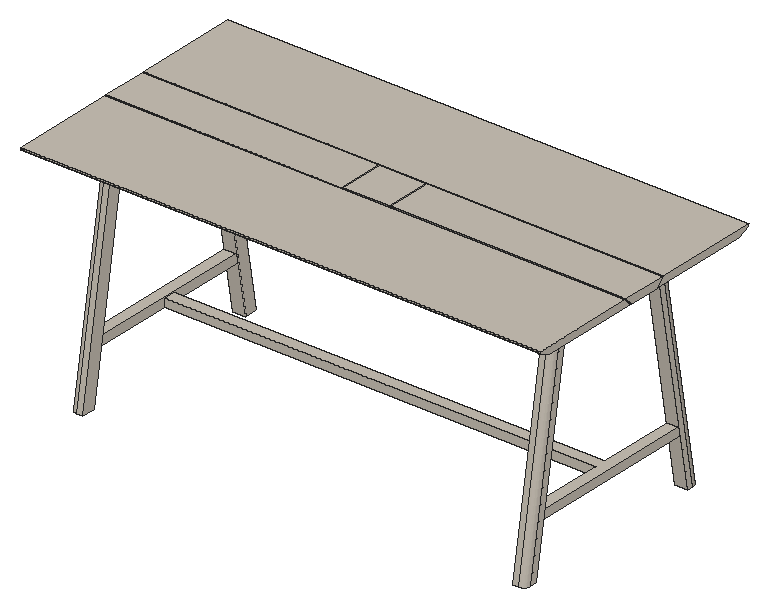
Revit family "Haworth_BuzziPicNic_BarHeight_MeetCollaborativeTable", category Furniture, Revit 2018
Family settings
  OmniClass Number = 23.40.20.00
  OmniClass Title = General Furniture and Specialties
  Work Plane-Based = No
  Always vertical = Yes
  Cut with Voids When Loaded = No
  Shared = No
  Room Calculation Point = No
Parameters (values of type "HCBZ-PNTM-H - 47.24d 94.49w - Wood Top")
  Wood Top = yes
  Wood Finish [instance] = Haworth _ Wood _ Natural Ash BAS-NAT
  Width = 94.48828"
  Warranty = "http://www.haworth.com/resources/product-info/warranties"
  URL - Product = "https://www.haworth.com/products/tables/collaborative/buzzipicnic"
  URL = "http://www.haworth.com/our-brands/haworth-collection"
  Top Finish [instance] = Haworth _ Laminate _ Truffle Grey BHL-1600
  Standard Widths = "62.99, 70.87, 78.74, 86.61, 94.49 in"  # constant formula
  Standard Depths = "31.5, 35.43, 39.37, 47.24 in"  # constant formula
  Small = not(or(or(Medium, Large, Extra Large)))  # no
  Revision = "1"  # constant formula
  Size = "Verify Final Dim. w/ Haworth"  # constant formula
  Model = "HCBZ-PNTM-H"  # constant formula
  Min. Width = 62.98828"  # constant formula
  Min. Depth = 31.5"  # constant formula
  Medium = no
  Max. Width = 94.48828"  # constant formula
  Max. Depth = 47.23828"  # constant formula
  Manufacturer = "Haworth"  # constant formula
  Large = no
  Laminate Top = not(Wood Top)  # no
  Keynote = ""
  Glide Finish = Haworth _ Polymer _ Black
  Extra Large = yes
  Description = "Haworth BuzziPicNic - Bar Height Meet Collaborative Tables - Wood Top"
  Depth = if(Small, 31.5", if(Medium, 35.42969", if(Large, 39.37109", 47.23828")))  # 47.23828"
  Custom Size = not(and(or(Depth = 31.5", Depth = 35.42969", Depth = 39.37109", Depth = 47.23828"), or(Width = 62.98828", Width = 70.87109", Width = 78.73828", Width = 86.60938", Width = 94.48828")))  # no
  Base Finish = Haworth _ Wood _ Natural Ash BAS-NAT
  Author = "Haworth (Abd Rahman)"  # constant formula
  Assembly Code = "E2020200"
  Actual Width = if(Width > Max. Width, Max. Width, if(Width < Min. Width, Min. Width, Width))  # 94.48828"
  Actual Height = 42.51953"  # constant formula
  Actual Depth = if(Depth > Max. Depth, Max. Depth, if(Depth < Min. Depth, Min. Depth, Depth))  # 47.23828"
Types (9): name | Wood Top | Small | Medium | Large | Laminate Top | Extra Large | Description | Depth | Actual Depth
  (no name) | yes | no | no | no | no | yes | "Haworth BuzziPicNic - Bar Height Meet Collaborative Tables - Wood Top" | 47.23828" | 47.23828"
  HCBZ-PNTM-H - 35.43d 94.49w - Wood Top | yes | no | yes | no | no | no | "Haworth BuzziPicNic - Bar Height Meet Collaborative Tables - Wood Top" | 35.42969" | 35.42969"
  HCBZ-PNTM-H - 31.5d 94.49w - Wood Top | yes | yes | no | no | no | no | "Haworth BuzziPicNic - Bar Height Meet Collaborative Tables - Wood Top" | 31.5" | 31.5"
  HCBZ-PNTM-H - 47.24d 94.49w - Wood Top | yes | no | no | no | no | yes | "Haworth BuzziPicNic - Bar Height Meet Collaborative Tables - Wood Top" | 47.23828" | 47.23828"
  HCBZ-PNTM-H - 31.5d 94.49w - Laminate Top | no | yes | no | no | yes | no | "Haworth BuzziPicNic - Bar Height Meet Collaborative Tables - Laminate Top" | 31.5" | 31.5"
  HCBZ-PNTM-H - 35.43d 94.49w - Laminate Top | no | no | yes | no | yes | no | "Haworth BuzziPicNic - Bar Height Meet Collaborative Tables - Laminate Top" | 35.42969" | 35.42969"
  HCBZ-PNTM-H - 47.24d 94.49w - Laminate Top | no | no | no | no | yes | yes | "Haworth BuzziPicNic - Bar Height Meet Collaborative Tables - Laminate Top" | 47.23828" | 47.23828"
  HCBZ-PNTM-H - 39.37d 94.49w - Laminate Top | no | no | no | yes | yes | no | "Haworth BuzziPicNic - Bar Height Meet Collaborative Tables - Laminate Top" | 39.37109" | 39.37109"
  HCBZ-PNTM-H - 39.37d 94.49w - Wood Top | yes | no | no | yes | no | no | "Haworth BuzziPicNic - Bar Height Meet Collaborative Tables - Wood Top" | 39.37109" | 39.37109"
Reference planes (in)
  plane 1 "Center Front/Back": y = 0
  plane 2: z = 0
  plane 3 "Center Left/Right": x = 20.90998
  plane 4 "Back": y = 23.61914
  plane 5 "Front": y = -23.61914
  plane 6: x = 68.15412
  plane 7: x = -26.33416
  plane 8: z = 42.51953
  plane 9: z = 0.11905
  plane 10: z = 41.29599
  plane 11: z = 38.9726
  plane 12: x = 62.24967
  plane 13: x = -20.4297
  plane 14: x = -18.14632
  plane 15: x = 59.96628
  plane 16: y = -19.61914
  plane 17: y = 19.61914
  plane 18: z = 11.1423
  plane 19: z = 9.56755
Forms (in)
  Blend 1, solid, material "Haworth _ Wood _ Natural Ash BAS-NAT" <- "Base Finish"
    base sketch origin (0, 0, 0) x (1, 0, 0) y (0, 1, 0)
      loop
        line (59.96628, -17.2552) -> (59.96628, -19.61914) -> (61.06502, -19.61914)
        arc (61.06502, -19.61914) -> (61.90269, -19.27217) -> (62.24967, -18.43449) r 1.18465
        line (62.24967, -18.43449) -> (62.24967, -17.2552) -> (59.96628, -17.2552)
    top sketch origin (0, 0, 0) x (1, 0, 0) y (0, 1, 0)
      loop
        line (59.96628, -12.34112) -> (61.06607, -12.34112)
        arc (61.06607, -12.34112) -> (61.903, -11.99445) -> (62.24967, -11.15752) r 1.18359
        line (62.24967, -11.15752) -> (62.24967, -10.02159) -> (59.96628, -10.02159) -> (59.96628, -12.34112)
    from 0.11905 to 41.29599
  Blend 2, solid, material "Haworth _ Wood _ Natural Ash BAS-NAT" <- "Base Finish"
    base sketch origin (41.81996, 0, 0) x (-1, 0, 0) y (0, -1, 0)
      loop
        line (59.96628, 17.2552) -> (62.24967, 17.2552) -> (62.24967, 18.43449)
        arc (62.24967, 18.43449) -> (61.90269, 19.27217) -> (61.06502, 19.61914) r 1.18465
        line (61.06502, 19.61914) -> (59.96628, 19.61914) -> (59.96628, 17.2552)
    top sketch origin (41.81996, 0, 0) x (-1, 0, 0) y (0, -1, 0)
      loop
        line (59.96628, 12.34112) -> (59.96628, 10.02159) -> (62.24967, 10.02159) -> (62.24967, 11.15752)
        arc (62.24967, 11.15752) -> (61.903, 11.99445) -> (61.06607, 12.34112) r 1.18359
        line (61.06607, 12.34112) -> (59.96628, 12.34112)
    from 0.11905 to 41.29599
  Blend 3, solid, material "Haworth _ Wood _ Natural Ash BAS-NAT" <- "Base Finish"
    base sketch origin (0.125, -0.0625, 0) x (1, 0, 0) y (0, 1, 0)
      loop
        line (59.84128, 17.3177) -> (62.12467, 17.3177) -> (62.12467, 18.49699)
        arc (62.12467, 18.49699) -> (61.77769, 19.33467) -> (60.94002, 19.68164) r 1.18465
        line (60.94002, 19.68164) -> (59.84128, 19.68164) -> (59.84128, 17.3177)
    top sketch origin (0.125, -0.0625, 0) x (1, 0, 0) y (0, 1, 0)
      loop
        line (59.84128, 12.40362) -> (59.84128, 10.08501) -> (62.12467, 10.08501) -> (62.12467, 11.22002)
        arc (62.12467, 11.22002) -> (61.778, 12.05695) -> (60.94107, 12.40362) r 1.18359
        line (60.94107, 12.40362) -> (59.84128, 12.40362)
    from 0.11905 to 41.29599
  Blend 4, solid, material "Haworth _ Wood _ Natural Ash BAS-NAT" <- "Base Finish"
    base sketch origin (41.81996, -0.0625, 0) x (-1, 0, 0) y (0, -1, 0)
      loop
        line (59.96628, -17.3177) -> (59.96628, -19.68164) -> (61.06502, -19.68164)
        arc (61.06502, -19.68164) -> (61.90269, -19.33467) -> (62.24967, -18.49699) r 1.18465
        line (62.24967, -18.49699) -> (62.24967, -17.3177) -> (59.96628, -17.3177)
    top sketch origin (41.81996, -0.0625, 0) x (-1, 0, 0) y (0, -1, 0)
      loop
        line (59.96628, -12.40362) -> (61.06607, -12.40362)
        arc (61.06607, -12.40362) -> (61.903, -12.05695) -> (62.24967, -11.22002) r 1.18359
        line (62.24967, -11.22002) -> (62.24967, -10.08409) -> (59.96628, -10.08409) -> (59.96628, -12.40362)
    from 0.11905 to 41.29599
  Blend 5, solid, material "Haworth _ Wood _ Natural Ash BAS-NAT" <- "Base Finish"
    base sketch origin (0, 0, 0) x (1, 0, 0) y (0, 1, 0)
      loop
        line (62.12467, 15.59675) -> (60.09128, 15.59675) -> (60.09128, -15.59675) -> (62.12467, -15.59675) -> (62.12467, 15.59675)
    top sketch origin (0, 0, 0) x (1, 0, 0) y (0, 1, 0)
      loop
        line (62.12467, -15.31908) -> (62.12467, 15.31908) -> (60.09128, 15.31908) -> (60.09128, -15.31908) -> (62.12467, -15.31908)
    from 9.56755 to 11.1423
  Blend 6, solid, material "Haworth _ Wood _ Natural Ash BAS-NAT" <- "Base Finish"
    base sketch origin (0, 0, 0) x (1, 0, 0) y (0, 1, 0)
      loop
        line (-18.14632, -12.60486) -> (59.96628, -12.60486) -> (59.96628, -10.44647) -> (-18.14632, -10.44647) -> (-18.14632, -12.60486)
    top sketch origin (0, 0, 0) x (1, 0, 0) y (0, 1, 0)
      loop
        line (59.96628, -12.21612) -> (59.96628, -10.44647) -> (-18.14632, -10.44647) -> (-18.14632, -12.21612) -> (59.96628, -12.21612)
    from 38.9726 to 41.29599
  Blend 7, solid, material "Haworth _ Wood _ Natural Ash BAS-NAT" <- "Base Finish"
    base sketch origin (0, 0, 0) x (1, 0, 0) y (0, 1, 0)
      loop
        line (-18.14632, 12.60486) -> (-18.14632, 10.44647) -> (59.96628, 10.44647) -> (59.96628, 12.60486) -> (-18.14632, 12.60486)
    top sketch origin (0, 0, 0) x (1, 0, 0) y (0, 1, 0)
      loop
        line (59.96628, 12.21612) -> (-18.14632, 12.21612) -> (-18.14632, 10.44647) -> (59.96628, 10.44647) -> (59.96628, 12.21612)
    from 38.9726 to 41.29599
  Blend 8, solid, material "Haworth _ Wood _ Natural Ash BAS-NAT" <- "Base Finish"
    base sketch origin (0, 0, 0) x (1, 0, 0) y (0, 1, 0)
      loop
        line (60.09128, 10.41124) -> (60.09128, -10.41124) -> (62.12467, -10.41124) -> (62.12467, 10.41124) -> (60.09128, 10.41124)
    top sketch origin (0, 0, 0) x (1, 0, 0) y (0, 1, 0)
      loop
        line (62.12467, -10.02159) -> (62.12467, 10.02251) -> (60.09128, 10.02251) -> (60.09128, -10.02159) -> (62.12467, -10.02159)
    from 38.9726 to 41.29599
  Blend 9, solid, material "Haworth _ Wood _ Natural Ash BAS-NAT" <- "Base Finish"
    base sketch origin (41.81996, 0, 0) x (-1, 0, 0) y (0, -1, 0)
      loop
        line (60.09128, -10.41124) -> (62.12467, -10.41124) -> (62.12467, 10.41124) -> (60.09128, 10.41124) -> (60.09128, -10.41124)
    top sketch origin (41.81996, 0, 0) x (-1, 0, 0) y (0, -1, 0)
      loop
        line (62.12467, 10.02159) -> (60.09128, 10.02159) -> (60.09128, -10.02159) -> (62.12467, -10.02159) -> (62.12467, 10.02159)
    from 38.9726 to 41.29599
  Extrusion 10, solid, material "Haworth _ Polymer _ Black" <- "Glide Finish"
    sketch origin (0, 0, 0) x (1, 0, 0) y (0, 1, 0)
      loop
        circle (-19.32197, 18.42664) r 0.93529
      loop
        circle (-19.29072, -18.39539) r 0.93529
      loop
        circle (61.11068, 18.45789) r 0.93529
      loop
        circle (61.07943, -18.36414) r 0.93529
    from 0 to 0.11905
  Extrusion 11, solid, material "Haworth _ Wood _ Natural Ash BAS-NAT" <- "Base Finish"
    sketch origin (-14.04198, -10.77167, 0) x (1, 0, 0) y (0, 1, 0)
      loop
        line (-4.22934, 11.78836) -> (-4.22934, 9.75498) -> (74.13326, 9.75498) -> (74.13326, 11.78836) -> (-4.22934, 11.78836)
    from 9.56755 to 11.1423
  Blend 12, solid, material "Haworth _ Wood _ Natural Ash BAS-NAT" <- "Base Finish"
    base sketch origin (41.81996, 0, 0) x (-1, 0, 0) y (0, -1, 0)
      loop
        line (62.12467, -15.59675) -> (62.12467, 15.59675) -> (60.09128, 15.59675) -> (60.09128, -15.59675) -> (62.12467, -15.59675)
    top sketch origin (41.81996, 0, 0) x (-1, 0, 0) y (0, -1, 0)
      loop
        line (62.12467, 15.31908) -> (60.09128, 15.31908) -> (60.09128, -15.31908) -> (62.12467, -15.31908) -> (62.12467, 15.31908)
    from 9.56755 to 11.1423
Cuts and joins
  joined: Blend 1, Blend 2, Blend 3, Blend 4, Blend 5, Blend 6, Blend 7, Blend 8, Blend 9, Extrusion 11
Dimensions and locks (in)
  equal spacing: plane 4 "Back", plane 1 "Center Front/Back", plane 5 "Front"
  "Actual Depth": plane 4 "Back" to plane 5 "Front"
  equal spacing: plane 7, plane 3 "Center Left/Right", plane 6
  "Actual Width": plane 7 to plane 6
  "Actual Height": plane 8 to plane 2
  plane 7 to plane 13 to plane 14 = 5.90445" locked, 2.28339" locked
  plane 15 to plane 12 to plane 6 = 2.28339" locked, 5.90445" locked
  plane 16 to Blend 5 = 4.02239"
  Blend 5 to plane 17 = 4.02239"
  plane 8 to plane 10 to plane 11 = 1.22355" locked, 2.32339" locked
  plane 2 to plane 19 to plane 18 = 9.56755" locked, 1.57475" locked
  locked: plane 15 to Extrusion 11 sketch curve at 0.125
  locked: Extrusion 11 sketch curve to plane 14 at 0.125
  cut or joined group of Blend 1, Blend 2, Blend 3, Blend 4, Blend 5, Blend 6, Blend 7, Blend 8, Blend 9, Extrusion 11 to plane 1 "Center Front/Back" to cut or joined group of Blend 1, Blend 2, Blend 3, Blend 4, Blend 5, Blend 6, Blend 7, Blend 8, Blend 9, Extrusion 11 = 1.01669" locked, 1.01669" locked
  Blend 4 sketch curve to Blend 4 sketch curve to plane 17 = 2.31953" locked, 7.27802" locked
  Blend 2 sketch curve to Blend 2 sketch curve to plane 1 "Center Front/Back" = 2.31953" locked, 10.02159" locked
  plane 1 "Center Front/Back" to Blend 3 sketch curve to Blend 3 sketch curve = 17.2552" locked, 2.36394" locked
  Blend 3 sketch curve to Blend 3 sketch curve to plane 1 "Center Front/Back" = 2.31861" locked, 10.02251" locked
  plane 1 "Center Front/Back" to Blend 1 sketch curve to Blend 1 sketch curve = 10.02159" locked, 2.31953" locked
  locked: Blend 1 sketch curve to Blend 1 sketch curve at 2.36394
  locked: Blend 4 sketch curve to Blend 4 sketch curve at 2.36394
  locked: Blend 2 sketch curve to Blend 2 sketch curve at 2.36394
  Blend 12 sketch curve to plane 1 "Center Front/Back" to Blend 12 sketch curve = 15.59675" locked, 15.59675" locked
  Blend 12 sketch curve to plane 1 "Center Front/Back" to Blend 12 sketch curve = 15.31908" locked, 15.31908" locked
  locked: Extrusion 10 sketch curve to plane 17 at 1.1925
  locked: plane 13 to Extrusion 10 sketch curve at 1.10774
  locked: plane 13 to Extrusion 10 sketch curve at 1.13899
  locked: plane 16 to Extrusion 10 sketch curve at 1.22375
  locked: Extrusion 10 sketch curve to plane 12 at 1.17024
  locked: plane 16 to Extrusion 10 sketch curve at 1.255
  locked: Extrusion 10 sketch curve to plane 17 at 1.16125
  locked: Extrusion 10 sketch curve to plane 12 at 1.13899
  aligned and locked: level to plane 2
  aligned and locked: Blend 1 to plane 10
  aligned and locked: plane 9 to Blend 1
  aligned and locked: Blend 6 to plane 10
  aligned and locked: plane 11 to Blend 6
  aligned and locked: Blend 4 to plane 13
  aligned and locked: Blend 2 to plane 13
  aligned and locked: Blend 2 to plane 14
  aligned and locked: Blend 4 to plane 14
  aligned and locked: Blend 1 to plane 12
  aligned and locked: Blend 3 to plane 12
  aligned and locked: plane 15 to Blend 3
  aligned and locked: plane 15 to Blend 1
  aligned and locked: plane 17 to Blend 4
  aligned and locked: plane 17 to Blend 3
  aligned and locked: Blend 1 to plane 16
  aligned and locked: Blend 2 to plane 16
  aligned and locked: plane 7 to nested 1
  aligned and locked: plane 4 "Back" to nested 1
  aligned and locked: Extrusion 10 to plane 9
  aligned and locked: plane 11 to cut or joined group of Blend 1, Blend 2, Blend 3, Blend 4, Blend 5, Blend 6, Blend 7, Blend 8, Blend 9, Extrusion 11  (x4)
  aligned and locked: cut or joined group of Blend 1, Blend 2, Blend 3, Blend 4, Blend 5, Blend 6, Blend 7, Blend 8, Blend 9, Extrusion 11 to plane 10  (x7)
  aligned and locked: cut or joined group of Blend 1, Blend 2, Blend 3, Blend 4, Blend 5, Blend 6, Blend 7, Blend 8, Blend 9, Extrusion 11 to plane 11  (x3)
  aligned and locked: plane 10 to nested 1
  aligned and locked: plane 10 to cut or joined group of Blend 1, Blend 2, Blend 3, Blend 4, Blend 5, Blend 6, Blend 7, Blend 8, Blend 9, Extrusion 11  (x2)
  aligned and locked: plane 14 to cut or joined group of Blend 1, Blend 2, Blend 3, Blend 4, Blend 5, Blend 6, Blend 7, Blend 8, Blend 9, Extrusion 11
  aligned and locked: cut or joined group of Blend 1, Blend 2, Blend 3, Blend 4, Blend 5, Blend 6, Blend 7, Blend 8, Blend 9, Extrusion 11 to plane 15
  aligned and locked: Blend 6 sketch curve to plane 14  (x2)
  aligned and locked: plane 15 to Blend 6 sketch curve  (x2)
  aligned and locked: plane 14 to Blend 7 sketch curve  (x2)
  aligned and locked: Blend 7 sketch curve to plane 15  (x2)
  aligned and locked: Blend 7 sketch curve to var sketch
  aligned and locked: Blend 6 sketch curve to var sketch
  aligned and locked: cut or joined group of Blend 1, Blend 2, Blend 3, Blend 4, Blend 5, Blend 6, Blend 7, Blend 8, Blend 9, Extrusion 11 to Blend 8 sketch curve  (x2)
  aligned and locked: cut or joined group of Blend 1, Blend 2, Blend 3, Blend 4, Blend 5, Blend 6, Blend 7, Blend 8, Blend 9, Extrusion 11 to plane 18  (x2)
  aligned and locked: plane 18 to cut or joined group of Blend 1, Blend 2, Blend 3, Blend 4, Blend 5, Blend 6, Blend 7, Blend 8, Blend 9, Extrusion 11
  aligned and locked: plane 19 to cut or joined group of Blend 1, Blend 2, Blend 3, Blend 4, Blend 5, Blend 6, Blend 7, Blend 8, Blend 9, Extrusion 11  (x2)
  aligned and locked: cut or joined group of Blend 1, Blend 2, Blend 3, Blend 4, Blend 5, Blend 6, Blend 7, Blend 8, Blend 9, Extrusion 11 to plane 19
  aligned and locked: plane 13 to Blend 4 sketch curve  (x2)
  aligned and locked: Blend 4 sketch curve to plane 14
  aligned and locked: Blend 4 sketch curve to plane 17
  aligned and locked: plane 14 to Blend 4 sketch curve
  aligned and locked: plane 14 to Blend 2 sketch curve
  aligned and locked: Blend 2 sketch curve to plane 13  (x2)
  aligned and locked: Blend 2 sketch curve to plane 16
  aligned and locked: Blend 2 sketch curve to plane 14
  aligned and locked: Blend 3 sketch curve to plane 15
  aligned and locked: Blend 3 sketch curve to plane 12  (x2)
  aligned and locked: plane 15 to Blend 3 sketch curve
  aligned and locked: plane 15 to Blend 1 sketch curve
  aligned and locked: plane 12 to Blend 1 sketch curve  (x2)
  aligned and locked: Blend 1 sketch curve to plane 15
  aligned and locked: plane 9 to cut or joined group of Blend 1, Blend 2, Blend 3, Blend 4, Blend 5, Blend 6, Blend 7, Blend 8, Blend 9, Extrusion 11  (x3)
  aligned and locked: Blend 12 to plane 18
  aligned and locked: plane 19 to Blend 12
Automatic sketch dimensions
  plane 16 to Blend 1 sketch curve = 0"
  Blend 1 sketch curve to Blend 1 sketch curve = 1.09874"
  Blend 1 sketch curve to Blend 1 sketch curve = 1.09979"
  Blend 2 sketch curve to Blend 2 sketch curve = 1.09874"
  Blend 2 sketch curve to Blend 2 sketch curve = 1.09979"
  Blend 3 sketch curve to Blend 3 sketch curve = 1.09874"
  Blend 3 sketch curve to Blend 3 sketch curve = 1.09979"
  Blend 4 sketch curve to Blend 4 sketch curve = 1.09874"
  Blend 4 sketch curve to Blend 4 sketch curve = 1.09979"
  Blend 5 sketch curve to plane 15 = 0.125"  (x2)
  plane 12 to Blend 5 sketch curve = 0.125"  (x2)
  Blend 5 sketch curve to plane 16 = 4.02239"
  plane 17 to Blend 5 sketch curve = 4.02239"
  Blend 5 sketch curve to plane 16 = 4.30006"
  plane 17 to Blend 5 sketch curve = 4.30006"
  Blend 6 sketch curve to plane 16 = 7.01428"
  Blend 6 sketch curve to Blend 6 sketch curve = 2.15839"
  Blend 6 sketch curve to Blend 6 sketch curve = 1.76965"
  Blend 7 sketch curve to plane 17 = 7.01428"
  Blend 7 sketch curve to Blend 7 sketch curve = 2.15839"
  Blend 7 sketch curve to Blend 7 sketch curve = 1.76965"
  Blend 8 sketch curve to plane 15 = 0.125"  (x2)
  plane 12 to Blend 8 sketch curve = 0.125"  (x2)
  Blend 8 sketch curve to plane 16 = 9.2079"
  plane 17 to Blend 8 sketch curve = 9.2079"
  Blend 9 sketch curve to plane 14 = 0.125"  (x2)
  Blend 9 sketch curve to plane 13 = 0.125"  (x2)
  plane 16 to Blend 9 sketch curve = 9.2079"
  Blend 9 sketch curve to plane 17 = 9.2079"
  plane 16 to Blend 9 sketch curve = 9.59755"
  Blend 9 sketch curve to plane 17 = 9.59755"
  plane 1 "Center Front/Back" to Extrusion 11 sketch curve = 1.01669"
  Extrusion 11 sketch curve to plane 1 "Center Front/Back" = 1.01669"
  Blend 12 sketch curve to plane 14 = 0.125"  (x2)
  Blend 12 sketch curve to plane 13 = 0.125"  (x2)
  radius of Extrusion 10 sketch curve = 0.93529"  (x4)
Nested families (in)
  nested 1: "Haworth_BuzziPicNic_MeetCollaborativeTable_TOP" at (0, 0, 13.14453), type "TOP - PART"
    with Laminate Top no, Actual Depth 47.23828"
Definition of nested family "Haworth_BuzziPicNic_MeetCollaborativeTable_TOP"
  Parameters (values of type "TOP - PART")
    Wood Top = yes
    Wood Finish = none
    Warranty = "http://www.haworth.com/resources/product-info/warranties"
    URL - Product = "https://www.haworth.com/products/tables/collaborative/buzzipicnic"
    URL = "http://www.haworth.com/our-brands/haworth-collection"
    Top Finish = none
    Revision = "1"  # constant formula
    Size = "Verify Final Dim. w/ Haworth"  # constant formula
    Model = "BuzziPicNic Table"
    Manufacturer = "Haworth"  # constant formula
    Laminate Top = yes
    Keynote = ""
    Glide Finish = none
    Description = "Haworth BuzziPicNic - Standard Height Meet Collaborative Tables - Top"
    Author = "Haworth (Abd Rahman)"  # constant formula
    Assembly Code = "E2020200"
    Actual Width = 94.48828"
    Actual Height = 29.53125"  # constant formula
    Actual Depth = 35.42969"
  Reference planes (in)
    plane 1 "Center Front/Back": y = 0
    plane 2: z = 0
    plane 3 "Center Left/Right": x = 20.90998
    plane 4 "Back": y = 17.71484
    plane 5 "Front": y = -17.71484
    plane 6: x = 68.15412
    plane 7: x = -26.33416
    plane 8: z = 29.53125
    plane 9: z = 27.90039
    plane 10: z = 28.15145
    plane 11: z = 28.02445
    plane 12: z = 29.12664
  Forms (in)
    Blend 1, solid, material <- "Wood Finish", visible <- "Wood Top"
      base sketch origin (0, 0, 0) x (1, 0, 0) y (0, 1, 0)
        loop
          line (-26.33416, -17.71484) -> (68.15412, -17.71484) -> (68.15412, -3.34686) -> (-26.33416, -3.34686) -> (-26.33416, -17.71484)
      top sketch origin (0, 0, 0) x (1, 0, 0) y (0, 1, 0)
        loop
          line (68.15412, -17.71484) -> (68.15412, -4.52792) -> (-26.33416, -4.52792) -> (-26.33416, -17.71484) -> (68.15412, -17.71484)
      from 28.15145 to 29.53125
    Blend 2, solid, material <- "Wood Finish", visible <- "Wood Top"
      base sketch origin (0, 0, 0) x (1, 0, 0) y (0, 1, 0)
        loop
          line (68.15412, -2.75633) -> (68.15412, 2.75529) -> (-26.33416, 2.75529) -> (-26.33416, -2.75633) -> (68.15412, -2.75633)
      top sketch origin (0, 0, 0) x (1, 0, 0) y (0, 1, 0)
        loop
          line (68.15412, -4.13424) -> (68.15412, 4.1332) -> (-26.33416, 4.1332) -> (-26.33416, -4.13424) -> (68.15412, -4.13424)
      from 28.15145 to 29.53125
    Blend 3, solid, material <- "Wood Finish", visible <- "Wood Top"
      base sketch origin (0, 0, 0) x (1, 0, 0) y (0, 1, 0)
        loop
          line (-26.33416, 17.71484) -> (-26.33416, 3.34686) -> (68.15412, 3.34686) -> (68.15412, 17.71484) -> (-26.33416, 17.71484)
      top sketch origin (0, 0, 0) x (1, 0, 0) y (0, 1, 0)
        loop
          line (68.15412, 17.71484) -> (-26.33416, 17.71484) -> (-26.33416, 4.52792) -> (68.15412, 4.52792) -> (68.15412, 17.71484)
      from 28.15145 to 29.53125
    Extrusion 4, void
      sketch origin (20.90998, 0, 0) x (0, 1, 0) y (0, 0, 1)
        loop
          line (17.69103, 29.12408) -> (15.5492, 28.15052) -> (15.5492, 28.02445) -> (17.78197, 28.02445) -> (17.78197, 29.16049) -> (17.71484, 29.16049)
          arc (17.71484, 29.16049) -> (17.70822, 29.13883) -> (17.69103, 29.12408) r 0.04062
      from -48.9371 to 49.48258
    Extrusion 5, void
      sketch origin (20.90998, 0, 0) x (0, -1, 0) y (0, 0, -1)
        loop
          arc (17.69103, -29.12408) -> (17.70822, -29.13883) -> (17.71484, -29.16049) r 0.04062
          line (17.71484, -29.16049) -> (17.78197, -29.16049) -> (17.78197, -28.02445) -> (15.5492, -28.02445) -> (15.5492, -28.15052) -> (17.69103, -29.12408)
      from -48.9371 to 49.48258
    Extrusion 6, solid, material <- "Glide Finish", visible <- "Wood Top"
      sketch origin (0, 0, 0) x (1, 0, 0) y (0, 1, 0)
        loop
          line (-17.88128, 14.5492) -> (-17.88128, -14.55024) -> (-15.88128, -14.55024) -> (-15.88128, 14.5492) -> (-17.88128, 14.5492)
        loop
          line (7.31243, 14.5492) -> (7.31243, -14.55024) -> (9.31243, -14.55024) -> (9.31243, 14.5492) -> (7.31243, 14.5492)
        loop
          line (59.70124, 14.5492) -> (57.70124, 14.5492) -> (57.70124, -14.55024) -> (59.70124, -14.55024) -> (59.70124, 14.5492)
        loop
          line (34.50753, 14.5492) -> (32.50753, 14.5492) -> (32.50753, -14.55024) -> (34.50753, -14.55024) -> (34.50753, 14.5492)
      from 28.02445 to 28.15145
    Extrusion 7, solid, material <- "Glide Finish", visible <- "Wood Top"
      sketch origin (0, 0, 0) x (1, 0, 0) y (0, 1, 0)
        loop
          circle (-16.88175, 13.55098) r 0.1827
        loop
          circle (-16.88175, -13.55098) r 0.1827
        loop
          circle (8.31243, 13.55098) r 0.1827
        loop
          circle (8.31243, -13.55098) r 0.1827
        loop
          circle (58.70172, 13.55098) r 0.1827
        loop
          circle (58.70172, -13.55098) r 0.1827
        loop
          circle (33.50753, 13.55098) r 0.1827
        loop
          circle (33.50753, -13.55098) r 0.1827
      from 27.90039 to 28.02445
    Extrusion 8, void
      sketch origin (0, 0, 0) x (1, 0, 0) y (0, 1, 0)
        loop
          line (16.61872, -4.13424) -> (16.61872, 4.1332) -> (16.57872, 4.1332) -> (16.57872, -4.13424) -> (16.61872, -4.13424)
        loop
          line (25.20124, -4.13424) -> (25.24124, -4.13424) -> (25.24124, 4.1332) -> (25.20124, 4.1332) -> (25.20124, -4.13424)
      from 26.81133 to 33.44845
    Extrusion 9, solid, material <- "Top Finish", visible <- "Laminate Top"
      sketch origin (0, 0, 0) x (1, 0, 0) y (0, 1, 0)
        loop
          line (-26.33416, 17.71484) -> (-26.33416, -17.71484) -> (68.15412, -17.71484) -> (68.15412, 17.71484) -> (-26.33416, 17.71484)
      from 28.15145 to 29.12664
    Extrusion 10, void
      sketch origin (0, 0, 0) x (1, 0, 0) y (0, 1, 0)
        loop
          line (26.81529, 2.36212) -> (15.00467, 2.36212) -> (15.00467, -2.36212) -> (26.81529, -2.36212) -> (26.81529, 2.36212)
      from 23.92626 to 32.63711
  Cuts and joins
    Extrusion 4, Extrusion 5 cuts Blend 3
    Extrusion 5 cuts Blend 1
    Extrusion 8 cuts Blend 2
    Extrusion 10 cuts Extrusion 9
  Lines and regions (in)
    Masking region 1, visible <- "Laminate Top"
      outline origin (0, 0, 0) x (1, 0, 0) y (0, 1, 0)
        loop
          line (-26.33416, 17.71484) -> (-26.33416, -17.71484) -> (68.15412, -17.71484) -> (68.15412, 17.71484) -> (-26.33416, 17.71484)
        loop
          line (26.81529, 2.36212) -> (15.00467, 2.36212) -> (15.00467, -2.36212) -> (26.81529, -2.36212) -> (26.81529, 2.36212)
    Masking region 2, visible <- "Wood Top"
      outline origin (0, 0, 0) x (1, 0, 0) y (0, 1, 0)
        loop
          line (68.15412, -17.71484) -> (68.15412, -11.67521) -> (-26.33416, -11.67521) -> (-26.33416, -17.71484) -> (68.15412, -17.71484)
        loop
          line (-26.33416, 17.71484) -> (-26.33416, 11.67521) -> (68.15412, 11.67521) -> (68.15412, 17.71484) -> (-26.33416, 17.71484)
        loop
          line (-26.33416, -11.51788) -> (68.15412, -11.51788) -> (68.15412, -4.57092) -> (-26.33416, -4.57092) -> (-26.33416, -11.51788)
        loop
          line (-26.33416, 4.52792) -> (-26.33416, -4.52792) -> (68.15412, -4.52792) -> (68.15412, 4.52792) -> (-26.33416, 4.52792)
        loop
          line (-26.33416, 4.57092) -> (68.15412, 4.57092) -> (68.15412, 11.51788) -> (-26.33416, 11.51788) -> (-26.33416, 4.57092)
        loop
          line (25.20124, 4.1332) -> (16.61872, 4.1332) -> (16.61872, -4.13424) -> (25.20124, -4.13424) -> (25.20124, 4.1332)
  Dimensions and locks (in)
    equal spacing: plane 4 "Back", plane 1 "Center Front/Back", plane 5 "Front"
    "Actual Depth": plane 4 "Back" to plane 5 "Front"
    equal spacing: plane 7, plane 3 "Center Left/Right", plane 6
    "Actual Width": plane 7 to plane 6
    "Actual Height": plane 8 to plane 2
    aligned and locked: level to plane 2
    aligned and locked: plane 8 to Blend 1
    aligned and locked: plane 10 to Blend 1
    aligned and locked: plane 8 to Blend 2
    aligned and locked: plane 10 to Blend 2
    aligned and locked: Extrusion 6 to plane 10
    aligned and locked: plane 11 to Extrusion 6
    aligned and locked: Extrusion 7 to plane 11
    aligned and locked: plane 9 to Extrusion 7
    aligned and locked: plane 7 to cut or joined group of Blend 3, Extrusion 4, Extrusion 5
    aligned and locked: plane 7 to cut or joined group of Blend 2, Extrusion 8
    aligned and locked: plane 7 to cut or joined group of Blend 1, Extrusion 5
    aligned and locked: plane 5 "Front" to cut or joined group of Blend 1, Extrusion 5
    aligned and locked: plane 4 "Back" to cut or joined group of Blend 3, Extrusion 4, Extrusion 5
    aligned and locked: cut or joined group of Blend 3, Extrusion 4, Extrusion 5 to plane 6
    aligned and locked: cut or joined group of Blend 2, Extrusion 8 to plane 6
    aligned and locked: cut or joined group of Blend 1, Extrusion 5 to plane 6
    aligned and locked: plane 6 to Extrusion 9 sketch curve
    aligned and locked: Extrusion 9 sketch curve to plane 4 "Back"
    aligned and locked: Extrusion 9 sketch curve to plane 7
    aligned and locked: Extrusion 9 sketch curve to plane 5 "Front"
    aligned and locked: cut or joined group of Extrusion 9, Extrusion 10 to plane 12
    aligned and locked: plane 10 to cut or joined group of Extrusion 9, Extrusion 10
    aligned and locked: plane 6 to Masking region 1 sketch curve
    aligned and locked: Masking region 1 sketch curve to plane 4 "Back"
    aligned and locked: Masking region 1 sketch curve to plane 7
    aligned and locked: Masking region 1 sketch curve to plane 5 "Front"
    aligned and locked: Masking region 1 sketch curve to cut or joined group of Extrusion 9, Extrusion 10  (x4)
    aligned and locked: Masking region 2 sketch curve to plane 7
    aligned and locked: Masking region 2 sketch curve to plane 4 "Back"
    aligned and locked: plane 6 to Masking region 2 sketch curve
    aligned and locked: Masking region 2 sketch curve to plane 5 "Front"
  Automatic sketch dimensions
    Blend 1 sketch curve to plane 7 = 0"  (x2)
    Blend 1 sketch curve to plane 6 = 0"  (x2)
    plane 5 "Front" to Blend 1 sketch curve = 0"  (x2)
    plane 1 "Center Front/Back" to Blend 1 sketch curve = 3.34686"
    plane 1 "Center Front/Back" to Blend 1 sketch curve = 4.52792"
    Blend 2 sketch curve to plane 7 = 0"  (x2)
    Blend 2 sketch curve to plane 6 = 0"  (x2)
    plane 1 "Center Front/Back" to Blend 2 sketch curve = 2.75633"
    Blend 2 sketch curve to plane 1 "Center Front/Back" = 2.75529"
    plane 1 "Center Front/Back" to Blend 2 sketch curve = 4.13424"
    Blend 2 sketch curve to plane 1 "Center Front/Back" = 4.1332"
    Blend 3 sketch curve to plane 7 = 0"  (x2)
    Blend 3 sketch curve to plane 6 = 0"  (x2)
    Blend 3 sketch curve to plane 4 "Back" = 0"  (x2)
    plane 1 "Center Front/Back" to Blend 3 sketch curve = 3.34686"
    plane 1 "Center Front/Back" to Blend 3 sketch curve = 4.52792"
    plane 11 to Extrusion 4 sketch curve = 0"
    Extrusion 4 sketch curve to plane 4 "Back" = 0"
    plane 12 to Extrusion 4 sketch curve = 0.00257"
    Extrusion 4 sketch curve to plane 4 "Back" = 0.02381"
    Extrusion 4 sketch curve to plane 12 = 0.03442"
    Extrusion 4 sketch curve to Extrusion 4 sketch curve = 0.04062"
    Extrusion 4 sketch curve to plane 4 "Back" = 2.16564"
    plane 4 "Back" to Extrusion 4 sketch curve = 0.06712"
    plane 10 to Extrusion 4 sketch curve = 0.00094"
    plane 11 to Extrusion 5 sketch curve = 0"
    Extrusion 5 sketch curve to plane 5 "Front" = 0"
    Extrusion 5 sketch curve to plane 12 = 0.00257"
    plane 5 "Front" to Extrusion 5 sketch curve = 0.02381"
    plane 12 to Extrusion 5 sketch curve = 0.03442"
    Extrusion 5 sketch curve to Extrusion 5 sketch curve = 0.04062"
    plane 5 "Front" to Extrusion 5 sketch curve = 2.16564"
    Extrusion 5 sketch curve to plane 5 "Front" = 0.06712"
    Extrusion 5 sketch curve to plane 10 = 0.00094"
    Extrusion 6 sketch curve to plane 5 "Front" = 3.16461"  (x4)
    Extrusion 6 sketch curve to plane 7 = 8.45288"
    Extrusion 6 sketch curve to Extrusion 6 sketch curve = 2"  (x4)
    Extrusion 6 sketch curve to plane 4 "Back" = 3.16564"  (x4)
    Extrusion 6 sketch curve to plane 3 "Center Left/Right" = 13.59755"
    plane 3 "Center Left/Right" to Extrusion 6 sketch curve = 11.59755"
    plane 6 to Extrusion 6 sketch curve = 10.45288"
    Extrusion 7 sketch curve to plane 5 "Front" = 4.16387"  (x4)
    Extrusion 7 sketch curve to plane 7 = 9.45241"  (x2)
    Extrusion 7 sketch curve to plane 4 "Back" = 4.16387"  (x4)
    Extrusion 7 sketch curve to plane 3 "Center Left/Right" = 12.59755"  (x2)
    plane 3 "Center Left/Right" to Extrusion 7 sketch curve = 12.59755"  (x2)
    plane 6 to Extrusion 7 sketch curve = 9.45241"  (x2)
    Extrusion 8 sketch curve to plane 3 "Center Left/Right" = 4.33126"
    Extrusion 8 sketch curve to Extrusion 8 sketch curve = 0.04"  (x2)
    plane 3 "Center Left/Right" to Extrusion 8 sketch curve = 4.29126"
    plane 1 "Center Front/Back" to Extrusion 8 sketch curve = 4.13424"  (x2)
    Extrusion 8 sketch curve to plane 1 "Center Front/Back" = 4.1332"  (x2)
    plane 1 "Center Front/Back" to Extrusion 10 sketch curve = 2.36212"
    plane 3 "Center Left/Right" to Extrusion 10 sketch curve = 5.90531"
    Extrusion 10 sketch curve to plane 3 "Center Left/Right" = 5.90531"
    Extrusion 10 sketch curve to plane 1 "Center Front/Back" = 2.36212"
    Masking region 2 sketch curve to plane 7 = 0"  (x4)
    Masking region 2 sketch curve to plane 6 = 0"  (x4)
    Masking region 2 sketch curve to plane 3 "Center Left/Right" = 4.29126"
    plane 3 "Center Left/Right" to Masking region 2 sketch curve = 4.29126"
    Masking region 2 sketch curve to Masking region 2 sketch curve = 6.03963"
    Masking region 2 sketch curve to Masking region 2 sketch curve = 0.15733"  (x2)
    plane 1 "Center Front/Back" to Masking region 2 sketch curve = 4.57092"
    Masking region 2 sketch curve to Masking region 2 sketch curve = 0.04299"
    plane 1 "Center Front/Back" to Masking region 2 sketch curve = 4.13424"
    Masking region 2 sketch curve to plane 1 "Center Front/Back" = 4.1332"
    Masking region 2 sketch curve to plane 1 "Center Front/Back" = 4.52792"
    Masking region 2 sketch curve to Masking region 2 sketch curve = 0.043"
    Masking region 2 sketch curve to plane 4 "Back" = 6.19696"
    radius of Extrusion 7 sketch curve = 0.1827"  (x8)
